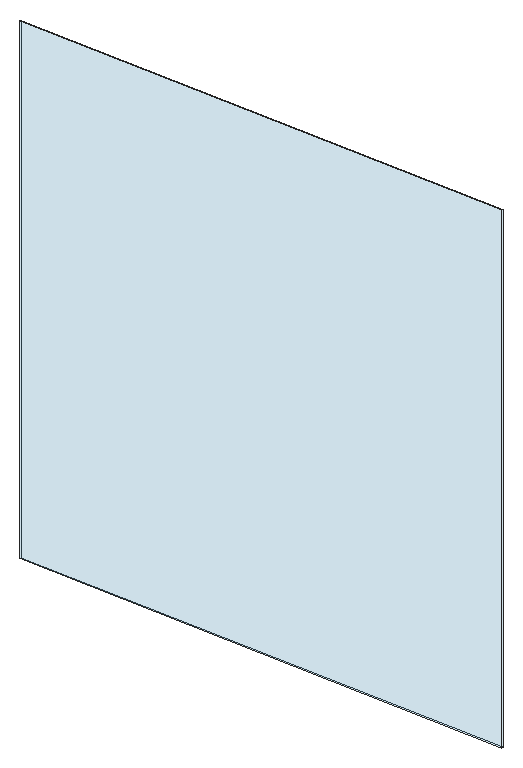
Revit family
Parameters (values of type "72" x 72"")
  Sealant = 0' - 0 3/8"
  Head Height = Sill Height + Rough Height - Sealant  # 8' - 11 5/8"
  CSO [instance] = yes
  Pocket Depth [instance] = 0' - 0 1/2"
  Depth [instance] = 0' - 4 1/2"
  Sill Height = 3' - 0"
  Rough Width = 6' - 0"
  Rough Height = 6' - 0"
  Model = "AF450"
  Material = ""
  Manufacturer = "Arcadia"
  Sightline = 0' - 2 3/8"
  Height = Rough Height - Sealant - Sealant  # 5' - 11 1/4"
  Wall Closure = (empty or 0)
  Width = Rough Width - Sealant - Sealant  # 5' - 11 1/4"
  Glass Thickness [instance] = 0' - 0 1/4"
  Offset to Inside Face of Glass [instance] = 0' - 3 25/32"
  Construction Type = "Aluminum"
  Center of Rough Opening [instance] = Rough Width / 2  # 3' - 0"
  Center of Glass [instance] = Glass Thickness / 2  # 0' - 0 1/8"
  Center Wall to Outside Face [instance] = 0' - 2 7/8"
  CSI [instance] = yes
  Assembly Code = ""
Reference planes (in)
  plane 1 "Center (Front/Back)": y = 0
  plane 2: z = 0
  plane 3 "Center (Left/Right)": x = 12
  plane 4 "Rough Opening Bottom": z = 36
  plane 5 "Rough Opening Top": z = 108
  plane 6 "Exterior Face": y = 3.25
  plane 7 "Frame Top": z = 105.625
  plane 8 "Frame Bottom": z = 38.375
  plane 9 "Rough Opening Left": x = -24
  plane 10 "Rough Opening Right": x = 48
  plane 11 "Frame Left": x = -21.625
  plane 12 "Frame Right": x = 45.625
  plane 13 "Exterior Glass Edge": y = 1.58019
  plane 14 "Interior Glass Edge": y = 1.33019
  plane 15 "Glass Centerline": y = 1.45519
  plane 16 "Frame Outside": y = 2.04894
  plane 17 "Frame Inside": y = -2.45106
  plane 18: z = 106.125
  plane 19: z = 37.875
  plane 20: x = 46.125
  plane 21: x = -22.125
  plane 22: x = -23.625
  plane 23: x = 47.625
  plane 24: z = 107.625
  plane 25: z = 36.375
Forms (in)
  Extrusion 1, solid, material "Anodize Arcadia AC2 Clear #11", detail levels coarse
    sketch origin (0, 0, 36) x (0, -1, 0) y (1, 0, 0)
      loop
        line (-2.04894, -24) -> (2.45106, -24) -> (2.45106, -21.625) -> (-1.33019, -21.625) -> (-1.33019, -22.125) -> (-1.58019, -22.125) -> (-1.58019, -21.625) -> (-2.04894, -21.625) -> (-2.04894, -24)
    from 0 to 72 <- "Rough Height"
  Extrusion 2, solid, material "Anodize Arcadia AC2 Clear #11", detail levels coarse
    sketch origin (0, 0, 36) x (0, -1, 0) y (1, 0, 0)
      loop
        line (-2.04894, 45.625) -> (-1.58019, 45.625) -> (-1.58019, 46.125) -> (-1.33019, 46.125) -> (-1.33019, 45.625) -> (2.45106, 45.625) -> (2.45106, 48) -> (-2.04894, 48) -> (-2.04894, 45.625)
    from 0 to 72 <- "Rough Height"
  Extrusion 3, solid, material "Glass"
    sketch origin (-0.5, 0, 36) x (0, -1, 0) y (1, 0, 0)
      loop
        line (-1.58019, -21.625) -> (-1.33019, -21.625) -> (-1.33019, 46.625) -> (-1.58019, 46.625) -> (-1.58019, -21.625)
    from 1.875 to 70.125
  Extrusion 4, solid, material "Anodize Arcadia AC2 Clear #11", detail levels coarse
    sketch origin (-24, 0, 0) x (0, 1, 0) y (0, 0, 1)
      loop
        line (-2.45106, 108) -> (-2.45106, 105.625) -> (1.33019, 105.625) -> (1.33019, 106.125) -> (1.58019, 106.125) -> (1.58019, 105.625) -> (2.04894, 105.625) -> (2.04894, 108) -> (-2.45106, 108)
    from 0 to 72 <- "Rough Width"
  Extrusion 5, solid, material "Anodize Arcadia AC2 Clear #11", detail levels coarse
    sketch origin (-24, 0, 0) x (0, 1, 0) y (0, 0, 1)
      loop
        line (2.04894, 38.375) -> (1.58019, 38.375) -> (1.58019, 37.875) -> (1.33019, 37.875) -> (1.33019, 38.375) -> (-2.45106, 38.375) -> (-2.45106, 36) -> (2.04894, 36) -> (2.04894, 38.375)
    from 0 to 72 <- "Rough Width"
  Extrusion 6, void
    sketch origin (0, 0, 36) x (0, -1, 0) y (1, 0, 0)
      loop
        line (-3.25, -24) -> (4.75, -24) -> (4.75, 48) -> (-3.25, 48) -> (-3.25, -24)
    from 0 to 72 <- "Rough Height"
Lines and regions (in)
  symbolic lines, detail levels coarse
    curve 1: line (-24, 2.04894, 0) -> (-21.625, 2.04894, 0)
    curve 2: line (-21.625, 2.04894, 0) -> (-21.625, 1.58019, 0)
    curve 3: line (46.125, 1.58019, 0) -> (-22.125, 1.58019, 0)
    curve 4: line (-22.125, 1.58019, 0) -> (-22.125, 1.33019, 0)
    curve 5: line (-22.125, 1.33019, 0) -> (46.125, 1.33019, 0)
    curve 6: line (-21.625, 1.33019, 0) -> (-21.625, -2.45106, 0)
    curve 7: line (-21.625, -2.45106, 0) -> (-24, -2.45106, 0)
    curve 8: line (-24, -2.45106, 0) -> (-24, 2.04894, 0)
    curve 9: line (48, 2.04894, 0) -> (45.625, 2.04894, 0)
    curve 10: line (45.625, 2.04894, 0) -> (45.625, 1.58019, 0)
    curve 11: line (46.125, 1.58019, 0) -> (46.125, 1.33019, 0)
    curve 12: line (45.625, 1.33019, 0) -> (45.625, -2.45106, 0)
    curve 13: line (45.625, -2.45106, 0) -> (48, -2.45106, 0)
    curve 14: line (48, -2.45106, 0) -> (48, 2.04894, 0)
Text (in)
  text "EXTERIOR" at (-58.6888, 50.90694, 0), in view "Ref. Level"
  text "INTERIOR" at (-58.6888, -37.76638, 0), in view "Ref. Level"
  text "Exterior" at (0, 43.65631, 123.19604), in view "Left"
  text "Exterior" at (0, 18.29385, 125.04747), in view "Right"
Dimensions and locks (in)
  "Rough Height": plane 4 "Rough Opening Bottom" to plane 5 "Rough Opening Top"
  "Sill Height": plane 2 to plane 4 "Rough Opening Bottom"
  "Sightline": plane 7 "Frame Top" to plane 5 "Rough Opening Top"
  "Sightline": plane 4 "Rough Opening Bottom" to plane 8 "Frame Bottom"
  "Rough Width": plane 9 "Rough Opening Left" to plane 10 "Rough Opening Right"
  "Sightline": plane 9 "Rough Opening Left" to plane 11 "Frame Left"
  "Sightline": plane 12 "Frame Right" to plane 10 "Rough Opening Right"
  "Depth": plane 17 "Frame Inside" to plane 16 "Frame Outside"
  "Glass Thickness": plane 13 "Exterior Glass Edge" to plane 14 "Interior Glass Edge"
  "Center of Glass": plane 15 "Glass Centerline" to plane 14 "Interior Glass Edge"
  "Center of Rough Opening": plane 9 "Rough Opening Left" to plane 3 "Center (Left/Right)"
  "Offset to Inside Face of Glass": plane 17 "Frame Inside" to plane 14 "Interior Glass Edge"
  "Pocket Depth": plane 12 "Frame Right" to plane 20
  "Pocket Depth": plane 21 to plane 11 "Frame Left"
  "Pocket Depth": plane 7 "Frame Top" to plane 18
  "Pocket Depth": plane 19 to plane 8 "Frame Bottom"
  "Sealant": plane 23 to plane 10 "Rough Opening Right"
  "Sealant": plane 9 "Rough Opening Left" to plane 22
  "Sealant": plane 24 to plane 5 "Rough Opening Top"
  "Sealant": plane 4 "Rough Opening Bottom" to plane 25
  aligned and locked: plane 6 "Exterior Face" to host wall
  aligned and locked: Extrusion 1 sketch curve to plane 17 "Frame Inside"
  aligned and locked: plane 16 "Frame Outside" to Extrusion 1 sketch curve
  aligned and locked: Extrusion 1 sketch curve to plane 11 "Frame Left"
  aligned and locked: plane 9 "Rough Opening Left" to Extrusion 1 sketch curve
  aligned and locked: plane 12 "Frame Right" to Extrusion 2 sketch curve
  aligned and locked: Extrusion 2 sketch curve to plane 10 "Rough Opening Right"
  aligned and locked: Extrusion 2 sketch curve to plane 17 "Frame Inside"
  aligned and locked: plane 16 "Frame Outside" to Extrusion 2 sketch curve
  aligned and locked: Extrusion 3 sketch curve to plane 13 "Exterior Glass Edge"
  aligned and locked: plane 14 "Interior Glass Edge" to Extrusion 3 sketch curve
  aligned and locked: plane 5 "Rough Opening Top" to Extrusion 4 sketch curve
  aligned and locked: Extrusion 4 sketch curve to plane 7 "Frame Top"
  aligned and locked: Extrusion 4 sketch curve to plane 17 "Frame Inside"
  aligned and locked: plane 16 "Frame Outside" to Extrusion 4 sketch curve
  aligned and locked: Extrusion 5 sketch curve to plane 4 "Rough Opening Bottom"
  aligned and locked: plane 8 "Frame Bottom" to Extrusion 5 sketch curve
  aligned and locked: Extrusion 5 sketch curve to plane 17 "Frame Inside"
  aligned and locked: plane 16 "Frame Outside" to Extrusion 5 sketch curve
  aligned and locked: plane 4 "Rough Opening Bottom" to nested 3
  aligned and locked: nested 2 to plane 5 "Rough Opening Top"
  aligned and locked: plane 19 to Extrusion 3
  aligned and locked: Extrusion 3 to plane 18
  aligned and locked: plane 17 "Frame Inside" to nested 3
  aligned and locked: plane 17 "Frame Inside" to nested 2
  aligned and locked: nested 1 to plane 16 "Frame Outside"
  aligned and locked: plane 10 "Rough Opening Right" to nested 1
  aligned and locked: nested 4 to plane 9 "Rough Opening Left"
  aligned and locked: plane 17 "Frame Inside" to nested 4
  aligned and locked: plane 13 "Exterior Glass Edge" to Extrusion 5 sketch curve
  aligned and locked: Extrusion 5 sketch curve to plane 14 "Interior Glass Edge"
  aligned and locked: plane 19 to Extrusion 5 sketch curve
  aligned and locked: Extrusion 4 sketch curve to plane 13 "Exterior Glass Edge"
  aligned and locked: plane 18 to Extrusion 4 sketch curve
  aligned and locked: plane 14 "Interior Glass Edge" to Extrusion 4 sketch curve
  aligned and locked: plane 14 "Interior Glass Edge" to Extrusion 2 sketch curve
  aligned and locked: Extrusion 2 sketch curve to plane 20
  aligned and locked: Extrusion 2 sketch curve to plane 13 "Exterior Glass Edge"
  aligned and locked: Extrusion 1 sketch curve to plane 14 "Interior Glass Edge"
  aligned and locked: Extrusion 1 sketch curve to plane 21
  aligned and locked: plane 13 "Exterior Glass Edge" to Extrusion 1 sketch curve
  aligned and locked: plane 16 "Frame Outside" to curve 1
  aligned and locked: plane 9 "Rough Opening Left" to curve 8
  aligned and locked: curve 2 to plane 11 "Frame Left"
  aligned and locked: curve 6 to plane 11 "Frame Left"
  aligned and locked: curve 4 to plane 21
  aligned and locked: curve 7 to plane 17 "Frame Inside"
  aligned and locked: curve 5 to plane 14 "Interior Glass Edge"
  aligned and locked: plane 13 "Exterior Glass Edge" to curve 3
  aligned and locked: curve 10 to plane 12 "Frame Right"
  aligned and locked: curve 12 to plane 12 "Frame Right"
  aligned and locked: curve 11 to plane 20
  aligned and locked: plane 10 "Rough Opening Right" to curve 14
  aligned and locked: curve 9 to plane 16 "Frame Outside"
  aligned and locked: plane 17 "Frame Inside" to curve 13
  aligned and locked: plane 9 "Rough Opening Left" to import instance  (x2)
  aligned and locked: plane 16 "Frame Outside" to import instance  (x4)
  aligned and locked: plane 10 "Rough Opening Right" to import instance  (x2)
  aligned and locked: import instance to plane 16 "Frame Outside"  (x2)
  aligned and locked: import instance to plane 4 "Rough Opening Bottom"  (x2)
  aligned and locked: plane 13 "Exterior Glass Edge" to import instance
  aligned and locked: plane 5 "Rough Opening Top" to import instance  (x2)
  aligned and locked: import instance to plane 13 "Exterior Glass Edge"
  aligned and locked: level to plane 2
  aligned and locked: plane 9 "Rough Opening Left" to Extrusion 6 sketch curve
  aligned and locked: plane 6 "Exterior Face" to Extrusion 6 sketch curve
  aligned and locked: host wall to Extrusion 6 sketch curve
  aligned and locked: plane 10 "Rough Opening Right" to Extrusion 6 sketch curve
Automatic sketch dimensions
  Extrusion 3 sketch curve to plane 21 = 0' - 0"
  Extrusion 3 sketch curve to plane 20 = 0' - 0"
  Extrusion 5 sketch curve to plane 8 "Frame Bottom" = 0' - 0"
  Extrusion 4 sketch curve to plane 7 "Frame Top" = 0' - 0"
  Extrusion 2 sketch curve to plane 12 "Frame Right" = 0' - 0"
  Extrusion 1 sketch curve to plane 11 "Frame Left" = 0' - 0"
Nested families (in)
  nested 1: "Window-Arcadia-AF450-Med-Jamb-R" at (46.9375, 1.45519, 0) x (-1, 0, 0) z (0, 0, 1), type "Window-Arcadia-AF450-Med-Jamb-R", detail levels medium
    with Sightline 0' - 2 3/8", Pocket Depth 0' - 0 1/2", Offset to Inside Face of Glass 0' - 3 25/32", Glass Width 0' - 0 1/4", Frame Wall Thickness 0' - 0 3/32", Depth 0' - 4 1/2", Center of Glass 0' - 0 1/8"
  nested 2: "Window-Arcadia-AF450-Med-Head" at (33.875, 1.45519, 108) x (0, -1, 0) z (1, 0, 0), type "Window-Arcadia-AF450-Med-Head", detail levels medium
    with Sightline 0' - 2 3/8", Pocket Depth 0' - 0 1/2", Offset to Inside Face of Glass 0' - 3 25/32", Glass Width 0' - 0 1/4", Frame Wall Thickness 0' - 0 3/32", Depth 0' - 4 1/2", Center of Glass 0' - 0 1/8"
  nested 3: "Window-Arcadia-AF450-Med-Sill" at (33.875, 1.45519, 36) x (0, -1, 0) z (1, 0, 0), type "Window-Arcadia-AF450-Med-Sill", detail levels medium
    with Sightline 0' - 2 3/8", Pocket Depth 0' - 0 1/2", Offset to Inside Face of Glass 0' - 3 25/32", Glass Width 0' - 0 1/4", Frame Wall Thickness 0' - 0 3/32", Depth 0' - 4 1/2", Center of Glass 0' - 0 1/8"
  nested 4: "Window-Arcadia-AF450-Med-Jamb-L" at (-22.9375, 1.45519, 0) x (-1, 0, 0) z (0, 0, 1), type "Window-Arcadia-AF450-Med-Jamb-L", detail levels medium
    with Sightline 0' - 2 3/8", Pocket Depth 0' - 0 1/2", Offset to Inside Face of Glass 0' - 3 25/32", Glass Width 0' - 0 1/4", Frame Wall Thickness 0' - 0 3/32", Depth 0' - 4 1/2", Center of Glass 0' - 0 1/8"
Definition of nested family "Window-Arcadia-AF450-Med-Jamb-R"
  Parameters (values of type "Window-Arcadia-TC670-Med-Jamb-R")
    Depth [instance] = 0' - 6"
    Pocket Depth [instance] = 0' - 0 3/4"
    Offset to Inside Face of Glass [instance] = 0' - 4"
    Glass Width [instance] = 0' - 1"
    Sightline [instance] = 0' - 2 5/8"
    Center of Glass [instance] = Glass Width / 2  # 0' - 0 1/2"
    Frame Wall Thickness [instance] = 0' - 0 3/32"
    Assembly Code = ""
  Reference planes (in)
    plane 1 "Center (Front/Back)": y = 0
    plane 2: z = 0
    plane 3: x = 1.5625
    plane 4 "back": x = -1.0625
    plane 5: y = 4.5
    plane 6: y = -1.5
    plane 7 "Inside Face of Glass": y = 0.5
    plane 8: y = -0.5
    plane 9: x = 0.8125
  Lines and regions (in)
    detail lines, in view "Ref. Level", detail levels medium
      curve 1: line (-1.0625, 4.5, 0) -> (-1.0625, -1.5, 0)
      curve 2: line (-1.0625, -1.5, 0) -> (1.5625, -1.5, 0)
      curve 3: line (1.5625, -1.5, 0) -> (1.5625, -0.5, 0)
      curve 4: line (1.5625, -0.5, 0) -> (0.8125, -0.5, 0)
      curve 5: line (0.8125, -0.5, 0) -> (0.8125, 0.5, 0)
      curve 6: line (0.8125, 0.5, 0) -> (1.5625, 0.5, 0)
      curve 7: line (1.5625, 0.5, 0) -> (1.5625, 4.5, 0)
      curve 8: line (1.5625, 4.5, 0) -> (-1.0625, 4.5, 0)
      curve 9: line (1.46875, 4.40625, 0) -> (-0.96875, 4.40625, 0)
      curve 10: line (-0.96875, 4.40625, 0) -> (-0.96875, -1.40625, 0)
      curve 11: line (-0.96875, -1.40625, 0) -> (1.46875, -1.40625, 0)
      curve 12: line (1.46875, -1.40625, 0) -> (1.46875, -0.59375, 0)
      curve 13: line (1.46875, -0.59375, 0) -> (0.71875, -0.59375, 0)
      curve 14: line (0.71875, -0.59375, 0) -> (0.71875, 0.59375, 0)
      curve 15: line (0.71875, 0.59375, 0) -> (1.46875, 0.59375, 0)
      curve 16: line (1.46875, 0.59375, 0) -> (1.46875, 4.40625, 0)
      curve 17: line (1.5625, 4.5, 0) -> (-1.0625, 4.5, 0)
      curve 18: line (-1.0625, 4.40625, 0) -> (-1.0625, -1.5, 0)
  Dimensions and locks (in)
    "Sightline": plane 4 "back" to plane 3
    "Depth": plane 5 to plane 6
    "Center of Glass": plane 1 "Center (Front/Back)" to plane 7 "Inside Face of Glass"
    "Glass Width": plane 8 to plane 7 "Inside Face of Glass"
    "Pocket Depth": plane 9 to plane 3
    "Offset to Inside Face of Glass": plane 5 to plane 7 "Inside Face of Glass"
    "Frame Wall Thickness": plane 5 to curve 9
    "Frame Wall Thickness": plane 4 "back" to curve 10
    "Frame Wall Thickness": curve 11 to plane 6
    "Frame Wall Thickness": curve 12 to plane 3
    "Frame Wall Thickness": curve 13 to plane 8
    "Frame Wall Thickness": plane 7 "Inside Face of Glass" to curve 15
    "Frame Wall Thickness": curve 14 to plane 9
    "Frame Wall Thickness": curve 16 to plane 3
    aligned and locked: plane 5 to curve 8
    aligned and locked: curve 1 to plane 4 "back"
    aligned and locked: curve 2 to plane 6
    aligned and locked: plane 3 to curve 3
    aligned and locked: curve 4 to plane 8
    aligned and locked: plane 9 to curve 5
    aligned and locked: plane 7 "Inside Face of Glass" to curve 6
    aligned and locked: plane 3 to curve 7
  Automatic sketch dimensions
    curve 18 to curve 9 = 0' - 0"
Definition of nested family "Window-Arcadia-AF450-Med-Head"
  Parameters (values of type "Window-Arcadia-A400-Med-Head")
    Depth [instance] = 0' - 6"
    Pocket Depth [instance] = 0' - 0 1/2"
    Offset to Inside Face of Glass [instance] = 0' - 4"
    Glass Width [instance] = 0' - 1"
    Sightline [instance] = 0' - 2 5/8"
    Center of Glass [instance] = Glass Width / 2  # 0' - 0 1/2"
    Frame Wall Thickness [instance] = 0' - 0 3/32"
    Assembly Code = ""
  Reference planes (in)
    plane 1 "Center (Front/Back)": y = 0
    plane 2: z = 0
    plane 3 "Center (Left/Right)": x = 0
    plane 4: x = -0.5
    plane 5 "Inside Face of Glass": x = 0.5
    plane 6: y = -2.625
    plane 7: x = 4.5
    plane 8: x = -1.5
    plane 9: y = -2.125
  Lines and regions (in)
    detail lines, in view "Ref. Level", detail levels medium
      curve 1: line (-1.5, 0, 0) -> (-1.5, -2.625, 0)
      curve 2: line (-1.5, -2.625, 0) -> (-0.5, -2.625, 0)
      curve 3: line (-0.5, -2.625, 0) -> (-0.5, -2.125, 0)
      curve 4: line (-0.5, -2.125, 0) -> (0.5, -2.125, 0)
      curve 5: line (0.5, -2.125, 0) -> (0.5, -2.625, 0)
      curve 6: line (0.5, -2.625, 0) -> (4.5, -2.625, 0)
      curve 7: line (4.5, -2.625, 0) -> (4.5, 0, 0)
      curve 8: line (4.5, 0, 0) -> (-1.5, 0, 0)
      curve 9: line (-1.40625, -0.09375, 0) -> (-1.40625, -2.53125, 0)
      curve 10: line (4.40625, -0.09375, 0) -> (-1.40625, -0.09375, 0)
      curve 11: line (4.40625, -2.53125, 0) -> (4.40625, -0.09375, 0)
      curve 12: line (0.59375, -2.53125, 0) -> (4.40625, -2.53125, 0)
      curve 13: line (-1.40625, -2.53125, 0) -> (-0.59375, -2.53125, 0)
      curve 14: line (-0.59375, -2.53125, 0) -> (-0.59375, -2.03125, 0)
      curve 15: line (-0.59375, -2.03125, 0) -> (0.59375, -2.03125, 0)
      curve 16: line (0.59375, -2.03125, 0) -> (0.59375, -2.53125, 0)
  Dimensions and locks (in)
    "Sightline": plane 6 to plane 1 "Center (Front/Back)"
    "Depth": plane 8 to plane 7
    "Pocket Depth": plane 6 to plane 9
    "Offset to Inside Face of Glass": plane 5 "Inside Face of Glass" to plane 7
    "Glass Width": plane 4 to plane 5 "Inside Face of Glass"
    "Center of Glass": plane 3 "Center (Left/Right)" to plane 5 "Inside Face of Glass"
    "Frame Wall Thickness": plane 8 to curve 9
    "Frame Wall Thickness": curve 10 to plane 1 "Center (Front/Back)"
    "Frame Wall Thickness": curve 11 to plane 7
    "Frame Wall Thickness": plane 6 to curve 12
    "Frame Wall Thickness": plane 6 to curve 13
    "Frame Wall Thickness": plane 9 to curve 15
    "Frame Wall Thickness": plane 5 "Inside Face of Glass" to curve 16
    "Frame Wall Thickness": curve 14 to plane 4
    aligned and locked: curve 8 to plane 1 "Center (Front/Back)"
    aligned and locked: plane 7 to curve 7
    aligned and locked: curve 1 to plane 8
    aligned and locked: plane 9 to curve 4
    aligned and locked: plane 4 to curve 3
    aligned and locked: plane 6 to curve 2
    aligned and locked: plane 6 to curve 6
  Automatic sketch dimensions
    curve 5 to plane 5 "Inside Face of Glass" = 0' - 0"
Definition of nested family "Window-Arcadia-AF450-Med-Sill"
  Parameters (values of type "Window-Arcadia-A400-Med-Sill")
    Depth [instance] = 0' - 6"
    Pocket Depth [instance] = 0' - 0 1/2"
    Offset to Inside Face of Glass [instance] = 0' - 4"
    Glass Width [instance] = 0' - 1"
    Sightline [instance] = 0' - 2 5/8"
    Center of Glass [instance] = Glass Width / 2  # 0' - 0 1/2"
    Frame Wall Thickness [instance] = 0' - 0 3/32"
    Assembly Code = ""
  Reference planes (in)
    plane 1 "Center (Front/Back)": y = 0
    plane 2: z = 0
    plane 3 "Center (Left/Right)": x = 0
    plane 4: x = -0.5
    plane 5 "Inside Face of Glass": x = 0.5
    plane 6: y = 2.625
    plane 7: x = 4.5
    plane 8: x = -1.5
    plane 9: y = 2.125
  Lines and regions (in)
    detail lines, in view "Ref. Level", detail levels medium
      curve 1: line (-1.5, 2.625, 0) -> (-1.5, 0, 0)
      curve 2: line (-1.5, 0, 0) -> (4.5, 0, 0)
      curve 3: line (4.5, 0, 0) -> (4.5, 2.625, 0)
      curve 4: line (4.5, 2.625, 0) -> (0.5, 2.625, 0)
      curve 5: line (0.5, 2.625, 0) -> (0.5, 2.125, 0)
      curve 6: line (0.5, 2.125, 0) -> (-0.5, 2.125, 0)
      curve 7: line (-0.5, 2.125, 0) -> (-0.5, 2.625, 0)
      curve 8: line (-0.5, 2.625, 0) -> (-1.5, 2.625, 0)
      curve 9: line (-0.59375, 2.53125, 0) -> (-1.40625, 2.53125, 0)
      curve 10: line (-1.40625, 2.53125, 0) -> (-1.40625, 0.09375, 0)
      curve 11: line (-1.40625, 0.09375, 0) -> (4.40625, 0.09375, 0)
      curve 12: line (4.40625, 0.09375, 0) -> (4.40625, 2.53125, 0)
      curve 13: line (4.40625, 2.53125, 0) -> (0.59375, 2.53125, 0)
      curve 14: line (0.59375, 2.53125, 0) -> (0.59375, 2.03125, 0)
      curve 15: line (0.59375, 2.03125, 0) -> (-0.59375, 2.03125, 0)
      curve 16: line (-0.59375, 2.03125, 0) -> (-0.59375, 2.53125, 0)
  Dimensions and locks (in)
    "Pocket Depth": plane 9 to plane 6
    "Sightline": plane 1 "Center (Front/Back)" to plane 6
    "Depth": plane 8 to plane 7
    "Offset to Inside Face of Glass": plane 5 "Inside Face of Glass" to plane 7
    "Glass Width": plane 4 to plane 5 "Inside Face of Glass"
    "Center of Glass": plane 3 "Center (Left/Right)" to plane 5 "Inside Face of Glass"
    "Frame Wall Thickness": curve 9 to plane 6
    "Frame Wall Thickness": plane 8 to curve 10
    "Frame Wall Thickness": plane 1 "Center (Front/Back)" to curve 11
    "Frame Wall Thickness": curve 12 to plane 7
    "Frame Wall Thickness": curve 13 to plane 6
    "Frame Wall Thickness": plane 5 "Inside Face of Glass" to curve 14
    "Frame Wall Thickness": curve 15 to plane 9
    "Frame Wall Thickness": curve 16 to plane 4
    aligned and locked: plane 1 "Center (Front/Back)" to curve 2
    aligned and locked: plane 7 to curve 3
    aligned and locked: curve 1 to plane 8
    aligned and locked: curve 8 to plane 6
    aligned and locked: curve 4 to plane 6
    aligned and locked: curve 6 to plane 9
    aligned and locked: curve 5 to plane 5 "Inside Face of Glass"
    aligned and locked: plane 4 to curve 7
  Automatic sketch dimensions
    curve 7 to plane 9 = 0' - 0"
Definition of nested family "Window-Arcadia-AF450-Med-Jamb-L"
  Parameters (values of type "Window-Arcadia-TC670-Med-Jamb-L")
    Depth [instance] = 0' - 6"
    Pocket Depth [instance] = 0' - 0 1/2"
    Offset to Inside Face of Glass [instance] = 0' - 4"
    Glass Width [instance] = 0' - 1"
    Sightline [instance] = 0' - 2 1/8"
    Center of Glass [instance] = Glass Width / 2  # 0' - 0 1/2"
    Frame Wall Thickness [instance] = 0' - 0 3/32"
    Assembly Code = ""
  Reference planes (in)
    plane 1 "Center (Front/Back)": y = 0
    plane 2: z = 0
    plane 3 "BACK": x = 1.0625
    plane 4 "FRONT": x = -1.0625
    plane 5: y = 1.5
    plane 6: y = -4.5
    plane 7 "Inside Face of Glass": y = 0.5
    plane 8: y = -0.5
    plane 9: x = -0.5625
  Lines and regions (in)
    detail lines, in view "Ref. Level", detail levels medium
      curve 1: line (1.0625, 1.5, 0) -> (1.0625, -4.5, 0)
      curve 2: line (1.0625, -4.5, 0) -> (-1.0625, -4.5, 0)
      curve 3: line (-1.0625, -4.5, 0) -> (-1.0625, -0.5, 0)
      curve 4: line (-1.0625, -0.5, 0) -> (-0.5625, -0.5, 0)
      curve 5: line (-0.5625, -0.5, 0) -> (-0.5625, 0.5, 0)
      curve 6: line (-0.5625, 0.5, 0) -> (-1.0625, 0.5, 0)
      curve 7: line (-1.0625, 0.5, 0) -> (-1.0625, 1.5, 0)
      curve 8: line (-1.0625, 1.5, 0) -> (1.0625, 1.5, 0)
      curve 9: line (-0.96875, 1.40625, 0) -> (0.96875, 1.40625, 0)
      curve 10: line (-0.96875, 0.59375, 0) -> (-0.96875, 1.40625, 0)
      curve 11: line (-0.46875, 0.59375, 0) -> (-0.96875, 0.59375, 0)
      curve 12: line (-0.46875, -0.59375, 0) -> (-0.46875, 0.59375, 0)
      curve 13: line (-0.96875, -0.59375, 0) -> (-0.46875, -0.59375, 0)
      curve 14: line (-0.96875, -4.40625, 0) -> (-0.96875, -0.59375, 0)
      curve 15: line (0.96875, -4.40625, 0) -> (-0.96875, -4.40625, 0)
      curve 16: line (0.96875, 1.40625, 0) -> (0.96875, -4.40625, 0)
  Dimensions and locks (in)
    "Depth": plane 5 to plane 6
    "Pocket Depth": plane 4 "FRONT" to plane 9
    "Sightline": plane 4 "FRONT" to plane 3 "BACK"
    "Glass Width": plane 8 to plane 7 "Inside Face of Glass"
    "Center of Glass": plane 1 "Center (Front/Back)" to plane 7 "Inside Face of Glass"
    "Frame Wall Thickness": plane 4 "FRONT" to curve 10
    "Frame Wall Thickness": plane 5 to curve 9
    "Frame Wall Thickness": curve 15 to plane 6
    "Frame Wall Thickness": curve 13 to plane 8
    "Frame Wall Thickness": plane 9 to curve 12
    "Frame Wall Thickness": plane 7 "Inside Face of Glass" to curve 11
    "Frame Wall Thickness": plane 4 "FRONT" to curve 14
    "Offset to Inside Face of Glass": plane 6 to plane 8
    aligned and locked: curve 8 to plane 5
    aligned and locked: curve 1 to plane 3 "BACK"
    aligned and locked: plane 6 to curve 2
    aligned and locked: curve 3 to plane 4 "FRONT"
    aligned and locked: plane 8 to curve 4
    aligned and locked: plane 9 to curve 5
    aligned and locked: curve 6 to plane 7 "Inside Face of Glass"
    aligned and locked: plane 4 "FRONT" to curve 7
  Automatic sketch dimensions
    curve 16 to plane 3 "BACK" = 0' - 0 3/32"
